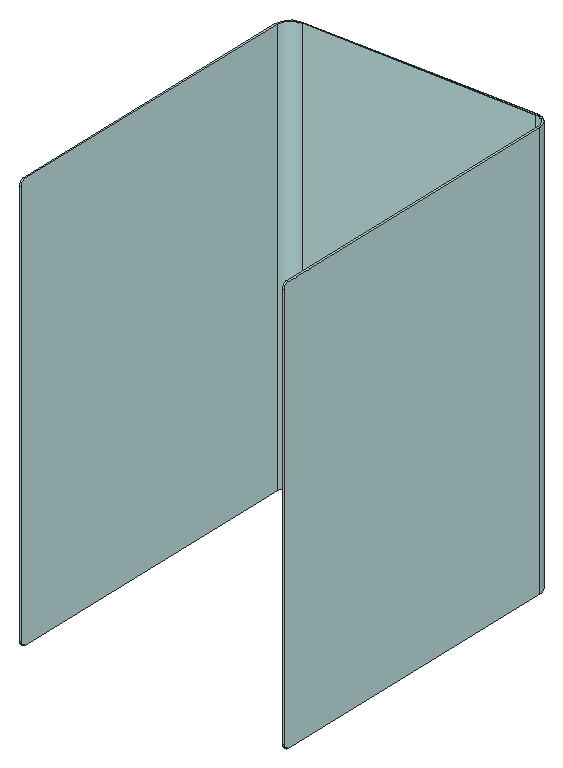
Revit family "Haworth_BeHold_Accessory_SlimC-Cubby", category Furniture Systems, Revit 2018
Family settings
  Round Connector Dimension = Use Diameter
  Part Type = Normal
  OmniClass Number = 23.40.70.14.64.21
  OmniClass Title = Systems Furniture
  Work Plane-Based = No
  Always vertical = Yes
  Cut with Voids When Loaded = No
  Shared = No
  Room Calculation Point = No
Parameters (values of type "15h")
  Warranty = "http://www.haworth.com/resources/product-info/warranties"
  URL - Product = "http://www.haworth.com/na/en/products/active-storage/be-hold.html"
  URL = "http://www.haworth.com"
  Trim Finish [instance] = Haworth _ Paint _ Sky Blue
  Sustainability Info = "https://www.haworth.com/company-info/sustainability"
  Size = "Verify Final Dim. w/ Haworth"  # constant formula
  Revision Number = "1"  # constant formula
  Model = "Haworth Be_Hold"  # constant formula
  Min. Width = 10"  # constant formula
  Min. Height = 7"  # constant formula
  Min. Depth = 12"  # constant formula
  Max. Width = 10"  # constant formula
  Max. Depth = 12"  # constant formula
  Max. Height = 15"  # constant formula
  Manufacturer = "Haworth"  # constant formula
  Height = 15"
  Description = "Haworth - Be_Hold - Accessory - Slim C Cubby"  # constant formula
  Custom Size = not(or(Height = 7", Height = 13", Height = 15"))  # no
  Author = "Haworth (Alias)"  # constant formula
  Assembly Code = "E2020200"
  Actual Width = 10"  # constant formula
  Actual Height = if(Height < Min. Height, Min. Height, if(Height > Max. Height, Max. Height, Height))  # 15"
  Actual Depth = 12"  # constant formula
  Standard Heights = "7, 13, 15 in."  # constant formula
Types (3): name | URL - Product | URL | Height | Actual Height
  15h | "http://www.haworth.com/na/en/products/active-storage/be-hold.html" | "http://www.haworth.com" | 15" | 15"
  13h | "" | "www.haworth.com" | 13" | 13"
  7h | "" | "www.haworth.com" | 7" | 7"
Reference planes (in)
  plane 1: z = 0
  plane 2 "Center L/R": x = -6.17556
  plane 3 "Center F/B": y = -11.5
  plane 4 "Top": z = 15
  plane 5 "Back": y = -5.5
  plane 6 "Front": y = -17.5
  plane 7 "Right": x = -1.17556
  plane 8 "Left": x = -11.17556
Forms (in)
  Sweep 1, solid, material "Haworth _ Paint _ Sky Blue" <- "Trim Finish"
    path origin (0, -11.5, 0) x (1, 0, 0) y (0, 0, 1)
      loop
        line (-6.17556, 0) -> (-6.17556, 15)
    profile origin (-6.17556, -11.5, 7.5) x (-1, 0, 0) y (0, -1, 0)
      loop
        arc (4.69, -5.44) -> (4.54356, -5.79356) -> (4.19, -5.94) r 0.5
        line (4.19, -5.94) -> (-4.19, -5.94)
        arc (-4.19, -5.94) -> (-4.54356, -5.79356) -> (-4.69, -5.44) r 0.5
        line (-4.69, -5.44) -> (-4.69, 6) -> (-4.75, 6) -> (-4.75, -5.44141)
        arc (-4.75, -5.44141) -> (-4.58639, -5.83639) -> (-4.19141, -6) r 0.55859
        line (-4.19141, -6) -> (4.19141, -6)
        arc (4.19141, -6) -> (4.58639, -5.83639) -> (4.75, -5.44141) r 0.55859
        line (4.75, -5.44141) -> (4.75, 6) -> (4.69, 6) -> (4.69, -5.44)
  Sweep 2, void
    path origin (0, 0, 0) x (1, 0, 0) y (0, 1, 0)
      loop
        line (-1.17556, -17.5) -> (-11.17556, -17.5)
    profile origin (-6.17556, -17.5, 0) x (0, -1, 0) y (0, 0, 1)
      loop
        line (0, 0) -> (0, 0.1875)
        arc (0, 0.1875) -> (-0.05492, 0.05492) -> (-0.1875, 0) r 0.1875
        line (-0.1875, 0) -> (0, 0)
      loop
        line (0, 15) -> (-0.1875, 15)
        arc (-0.1875, 15) -> (-0.05492, 14.94508) -> (0, 14.8125) r 0.1875
        line (0, 14.8125) -> (0, 15)
Cuts and joins
  Sweep 2 cuts Sweep 1
Lines and regions (in)
  Masking region 1
    outline origin (0, 0, 0) x (1, 0, 0) y (0, 1, 0)
      loop
        arc (-10.86556, -6.06) -> (-10.71911, -5.70644) -> (-10.36556, -5.56) r 0.5
        line (-10.36556, -5.56) -> (-1.98555, -5.56)
        arc (-1.98555, -5.56) -> (-1.632, -5.70644) -> (-1.48555, -6.06) r 0.5
        line (-1.48555, -6.06) -> (-1.48555, -17.5) -> (-1.42556, -17.5) -> (-1.42556, -6.05859)
        arc (-1.42556, -6.05859) -> (-1.58917, -5.66361) -> (-1.98415, -5.5) r 0.55859
        line (-1.98415, -5.5) -> (-10.36696, -5.5)
        arc (-10.36696, -5.5) -> (-10.76195, -5.66361) -> (-10.92556, -6.05859) r 0.55859
        line (-10.92556, -6.05859) -> (-10.92556, -17.5) -> (-10.86556, -17.5) -> (-10.86556, -6.06)
Dimensions and locks (in)
  equal spacing: plane 8 "Left", plane 2 "Center L/R", plane 7 "Right"
  "Actual Width": plane 8 "Left" to plane 7 "Right"
  equal spacing: plane 5 "Back", plane 3 "Center F/B", plane 6 "Front"
  "Actual Depth": plane 5 "Back" to plane 6 "Front"
  "Actual Height": plane 4 "Top" to plane 1
  locked: Sweep 1 sketch curve to plane 5 "Back" at 0.06
  locked: Sweep 1 sketch curve to plane 7 "Right" at 0.25
  locked: plane 8 "Left" to Sweep 1 sketch curve at 0.25
  locked: Sweep 1 sketch curve to Sweep 1 sketch curve at 0.06  (x2)
  locked: Masking region 1 sketch curve to Masking region 1 sketch curve at 0.06  (x2)
  locked: Masking region 1 sketch curve to plane 5 "Back" at 0.06
  locked: Masking region 1 sketch curve to plane 7 "Right" at 0.25
  locked: plane 8 "Left" to Masking region 1 sketch curve at 0.25
  aligned and locked: plane 2 "Center L/R" to Sweep 1 sketch curve
  aligned and locked: plane 4 "Top" to Sweep 1 sketch curve
  aligned and locked: plane 1 to Sweep 1 sketch curve
  aligned and locked: Sweep 1 sketch curve to plane 6 "Front"
  aligned and locked: Sweep 1 sketch curve to plane 5 "Back"
  aligned and locked: plane 6 "Front" to Sweep 1 sketch curve
  aligned and locked: Masking region 1 sketch curve to plane 5 "Back"
  aligned and locked: plane 6 "Front" to Sweep 2 sketch curve
  aligned and locked: plane 7 "Right" to Sweep 2 sketch curve
  aligned and locked: plane 8 "Left" to Sweep 2 sketch curve
  aligned and locked: Sweep 2 sketch curve to profile plane
  aligned and locked: profile plane to Sweep 2 sketch curve
  aligned and locked: Sweep 2 sketch curve to plane 6 "Front"
  aligned and locked: Sweep 2 sketch curve to plane 4 "Top"
  aligned and locked: plane 6 "Front" to Masking region 1 sketch curve
  aligned and locked: Masking region 1 sketch curve to plane 6 "Front"
Automatic sketch dimensions
  Sweep 1 sketch curve to Sweep 1 sketch curve = 0.4986"
  Sweep 1 sketch curve to Sweep 1 sketch curve = 0.0014"  (x2)
  Sweep 1 sketch curve to Sweep 1 sketch curve = 1/2"
  Masking region 1 sketch curve to Masking region 1 sketch curve = 0.4986"
  Masking region 1 sketch curve to Masking region 1 sketch curve = 0.0014"  (x2)
  Masking region 1 sketch curve to plane 7 "Right" = 0.81"
  Sweep 2 sketch curve to profile plane = 0"  (x2)
  level to Sweep 2 sketch curve = 3/16"
  Sweep 2 sketch curve to Sweep 2 sketch curve = 3/16"
  Sweep 2 sketch curve to Sweep 2 sketch curve = 0"  (x2)
